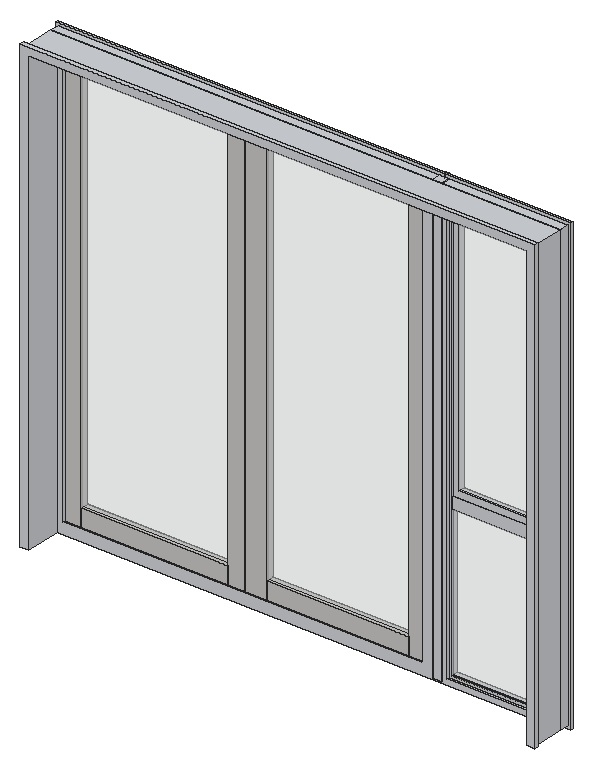
Revit family "APL Residential Thermal Heart French Door with Sidelight", category Doors, host Wall, Revit 2017 (continued)
Definition of nested family "APL Residential Thermal Heart Sidelight Vertical Section"
  Definition of nested family "Sash Mullion-Transom"
    Definition of nested family "65100_Mullion&Transom"
      Lines and regions (mm)
        detail lines, in view "Ref. Level"
          curve 3: line (0.009, -20.303, 0) -> (1.003, -24.171, 0)
          curve 4: line (1.003, -24.171, 0) -> (0, -24.75, 0)
          curve 5: line (0, -24.75, 0) -> (0, -25.75, 0)
          curve 6: line (0, -25.75, 0) -> (1.025, -26.342, 0)
          curve 7: line (1.025, -26.342, 0) -> (0.036, -30.191, 0)
          curve 8: line (0.508, -30.351, 0) -> (2.232, -26.25, 0)
          curve 9: line (2.232, -26.25, 0) -> (3.5, -26.25, 0)
          curve 10: line (3.5, -26.25, 0) -> (3.5, -27.5, 0)
          curve 11: line (3.5, -27.5, 0) -> (4.5, -27.5, 0)
          curve 12: line (4.5, -27.5, 0) -> (4.5, -23, 0)
          curve 13: line (4.5, -23, 0) -> (3.5, -23, 0)
          curve 14: line (3.5, -23, 0) -> (3.5, -24.25, 0)
          curve 15: line (3.5, -24.25, 0) -> (2.208, -24.25, 0)
          curve 16: line (2.208, -24.25, 0) -> (0.482, -20.144, 0)
          curve 329: arc (0.482, 30.356, 0) -> (0.172, 30.496, 0) -> (0.009, 30.197, 0) r 0.25
          curve 330: arc (0.036, 20.309, 0) -> (0.198, 20.009, 0) -> (0.508, 20.149, 0) r 0.25
          curve 331: line (0.009, 30.197, 0) -> (1.003, 26.329, 0)
          curve 332: line (1.003, 26.329, 0) -> (0, 25.75, 0)
          curve 333: line (0, 25.75, 0) -> (0, 24.75, 0)
          curve 334: line (0, 24.75, 0) -> (1.025, 24.158, 0)
          curve 335: line (1.025, 24.158, 0) -> (0.036, 20.309, 0)
          curve 336: line (0.508, 20.149, 0) -> (2.232, 24.25, 0)
          curve 337: line (2.232, 24.25, 0) -> (3.5, 24.25, 0)
          curve 338: line (3.5, 24.25, 0) -> (3.5, 23, 0)
          curve 339: line (3.5, 23, 0) -> (4.5, 23, 0)
          curve 340: line (4.5, 23, 0) -> (4.5, 27.5, 0)
          curve 341: line (4.5, 27.5, 0) -> (3.5, 27.5, 0)
          curve 342: line (3.5, 27.5, 0) -> (3.5, 26.25, 0)
          curve 343: line (3.5, 26.25, 0) -> (2.208, 26.25, 0)
          curve 344: line (2.208, 26.25, 0) -> (0.482, 30.356, 0)
        detail lines, in view "Ref. Level", not visible
          curve 17: arc (33.161, -9.933, 0) -> (32.851, -9.793, 0) -> (32.689, -10.092, 0) r 0.25
          curve 18: arc (32.715, -19.98, 0) -> (32.877, -20.279, 0) -> (33.188, -20.139, 0) r 0.25
          curve 19: line (32.689, -10.092, 0) -> (33.683, -13.959, 0)
          curve 20: line (33.683, -13.959, 0) -> (32.679, -14.539, 0)
          curve 21: line (32.679, -14.539, 0) -> (32.679, -15.539, 0)
          curve 22: line (32.679, -15.539, 0) -> (33.705, -16.131, 0)
          curve 23: line (33.705, -16.131, 0) -> (32.715, -19.98, 0)
          curve 24: line (33.188, -20.139, 0) -> (34.912, -16.039, 0)
          curve 25: line (34.912, -16.039, 0) -> (36.179, -16.039, 0)
          curve 26: line (36.179, -16.039, 0) -> (36.179, -17.289, 0)
          curve 27: line (36.179, -17.289, 0) -> (37.179, -17.289, 0)
          curve 28: line (37.179, -17.289, 0) -> (37.179, -12.789, 0)
          curve 29: line (37.179, -12.789, 0) -> (36.179, -12.789, 0)
          curve 30: line (36.179, -12.789, 0) -> (36.179, -14.039, 0)
          curve 31: line (36.179, -14.039, 0) -> (34.887, -14.039, 0)
          curve 32: line (34.887, -14.039, 0) -> (33.161, -9.933, 0)
        model lines, in view "Ref. Level"
          curve 33: arc (-15.3, 2.874, 0) -> (-15.218, 2.477, 0) -> (-14.985, 2.146, 0) r 1
          curve 34: arc (-14.733, 1.893, 0) -> (-14.408, 1.676, 0) -> (-14.026, 1.6, 0) r 1
          curve 35: arc (-14.026, -1.6, 0) -> (-14.408, -1.676, 0) -> (-14.733, -1.893, 0) r 1
          curve 36: arc (-14.985, -2.146, 0) -> (-15.218, -2.477, 0) -> (-15.3, -2.874, 0) r 1
          curve 37: arc (-15.3, -4.45, 0) -> (-15.172, -4.668, 0) -> (-14.92, -4.663, 0) r 0.25
          curve 38: arc (-14.834, -4.611, 0) -> (-14.728, -4.479, 0) -> (-14.731, -4.309, 0) r 0.25
          curve 39: arc (-13.477, -3.544, 0) -> (-13.402, -3.511, 0) -> (-13.321, -3.5, 0) r 0.3
          curve 40: arc (-12.8, -3.5, 0) -> (-12.642, -3.578, 0) -> (-12.606, -3.75, 0) r 0.2
          curve 41: arc (-12.8, -7.753, 0) -> (-12.774, -7.875, 0) -> (-12.7, -7.976, 0) r 0.3
          curve 42: arc (-12.7, -7.976, 0) -> (-12.62, -8.307, 0) -> (-12.9, -8.5, 0) r 0.3
          curve 43: arc (-15.121, -7.957, 0) -> (-15.21, -7.905, 0) -> (-15.262, -7.816, 0) r 0.2
          curve 44: arc (-15.307, -7.648, 0) -> (-15.448, -7.507, 0) -> (-15.641, -7.559, 0) r 0.2
          curve 45: arc (-16.005, -7.922, 0) -> (-16.065, -8.008, 0) -> (-16.092, -8.108, 0) r 0.3
          curve 46: arc (-16.299, -10.474, 0) -> (-16.183, -10.738, 0) -> (-15.897, -10.782, 0) r 0.3
          curve 47: arc (-14.487, -10.268, 0) -> (-14.361, -10.181, 0) -> (-14.295, -10.043, 0) r 0.3
          curve 48: arc (-14.295, -10.043, 0) -> (-14.022, -9.801, 0) -> (-13.717, -10, 0) r 0.3
          curve 49: arc (4.1, -10, 0) -> (4.241, -10.059, 0) -> (4.3, -10.2, 0) r 0.2
          curve 50: arc (3.201, -21.5, 0) -> (2.493, -21.793, 0) -> (2.2, -22.5, 0) r 1
          curve 51: arc (2.2, -23.25, 0) -> (2.7, -23.751, 0) -> (3.2, -23.25, 0) r 0.5
          curve 52: arc (3.2, -27.251, 0) -> (2.7, -26.751, 0) -> (2.2, -27.251, 0) r 0.5
          curve 53: arc (2.2, -28.801, 0) -> (2.259, -28.942, 0) -> (2.4, -29, 0) r 0.2
          curve 54: arc (5.5, -29, 0) -> (5.641, -28.941, 0) -> (5.7, -28.8, 0) r 0.2
          curve 55: arc (5.7, 28.8, 0) -> (5.641, 28.942, 0) -> (5.5, 29, 0) r 0.2
          curve 56: arc (2.4, 29, 0) -> (2.259, 28.941, 0) -> (2.2, 28.8, 0) r 0.2
          curve 57: arc (2.2, 27.25, 0) -> (2.7, 26.749, 0) -> (3.2, 27.25, 0) r 0.5
          curve 58: arc (3.2, 23.25, 0) -> (2.7, 23.749, 0) -> (2.2, 23.25, 0) r 0.5
          curve 59: arc (2.2, 22.501, 0) -> (2.492, 21.793, 0) -> (3.2, 21.5, 0) r 1
          curve 60: arc (4.3, 10.2, 0) -> (4.241, 10.059, 0) -> (4.1, 10, 0) r 0.2
          curve 61: arc (-13.717, 10, 0) -> (-14.022, 9.801, 0) -> (-14.295, 10.043, 0) r 0.3
          curve 62: arc (-14.295, 10.043, 0) -> (-14.361, 10.181, 0) -> (-14.487, 10.268, 0) r 0.3
          curve 63: arc (-15.897, 10.782, 0) -> (-16.183, 10.738, 0) -> (-16.299, 10.474, 0) r 0.3
          curve 64: arc (-16.092, 8.108, 0) -> (-16.065, 8.008, 0) -> (-16.005, 7.922, 0) r 0.3
          curve 65: arc (-15.641, 7.559, 0) -> (-15.448, 7.507, 0) -> (-15.307, 7.648, 0) r 0.2
          curve 66: arc (-15.262, 7.816, 0) -> (-15.21, 7.905, 0) -> (-15.121, 7.957, 0) r 0.2
          curve 67: arc (-12.9, 8.5, 0) -> (-12.62, 8.307, 0) -> (-12.7, 7.976, 0) r 0.3
          curve 68: arc (-12.7, 7.976, 0) -> (-12.774, 7.875, 0) -> (-12.8, 7.753, 0) r 0.3
          curve 69: arc (-12.606, 3.75, 0) -> (-12.642, 3.578, 0) -> (-12.8, 3.5, 0) r 0.2
          curve 70: arc (-13.321, 3.5, 0) -> (-13.402, 3.511, 0) -> (-13.477, 3.544, 0) r 0.3
          curve 71: arc (-14.731, 4.309, 0) -> (-14.728, 4.479, 0) -> (-14.834, 4.611, 0) r 0.25
          curve 72: arc (-14.92, 4.663, 0) -> (-15.172, 4.668, 0) -> (-15.3, 4.45, 0) r 0.25
          curve 73: arc (-4.016, 4.146, 0) -> (-5.077, 4.139, 0) -> (-5.084, 5.2, 0) r 0.75
          curve 74: arc (-5.084, 5.2, 0) -> (-4.55, 6.5, 0) -> (-5.084, 7.8, 0) r 1.85
          curve 75: arc (-5.084, 7.8, 0) -> (-5.194, 7.942, 0) -> (-5.267, 8.107, 0) r 0.75
          curve 76: arc (-5.267, 8.107, 0) -> (-5.37, 8.291, 0) -> (-5.54, 8.416, 0) r 0.5
          curve 77: arc (-5.54, 8.416, 0) -> (-6.4, 8.6, 0) -> (-7.26, 8.416, 0) r 2.1
          curve 78: arc (-7.26, 8.416, 0) -> (-7.43, 8.291, 0) -> (-7.533, 8.107, 0) r 0.5
          curve 79: arc (-7.533, 8.107, 0) -> (-7.606, 7.942, 0) -> (-7.716, 7.8, 0) r 0.75
          curve 80: arc (-7.716, 7.8, 0) -> (-8.25, 6.5, 0) -> (-7.716, 5.2, 0) r 1.85
          curve 81: arc (-7.716, 5.2, 0) -> (-7.723, 4.139, 0) -> (-8.784, 4.146, 0) r 0.75
          curve 82: arc (-8.784, 4.146, 0) -> (-9.231, 4.709, 0) -> (-9.548, 5.354, 0) r 3.35
          curve 83: arc (-10.124, 6.937, 0) -> (-10.569, 7.194, 0) -> (-10.9, 6.8, 0) r 0.4
          curve 84: arc (-10.9, -6.8, 0) -> (-10.569, -7.194, 0) -> (-10.124, -6.937, 0) r 0.4
          curve 85: arc (-9.548, -5.354, 0) -> (-9.231, -4.709, 0) -> (-8.784, -4.146, 0) r 3.35
          curve 86: arc (-8.784, -4.146, 0) -> (-7.723, -4.139, 0) -> (-7.716, -5.2, 0) r 0.75
          curve 87: arc (-7.716, -5.2, 0) -> (-8.25, -6.5, 0) -> (-7.716, -7.8, 0) r 1.85
          curve 88: arc (-7.716, -7.8, 0) -> (-7.606, -7.942, 0) -> (-7.533, -8.107, 0) r 0.75
          curve 89: arc (-7.533, -8.107, 0) -> (-7.43, -8.291, 0) -> (-7.26, -8.416, 0) r 0.5
          curve 90: arc (-7.26, -8.416, 0) -> (-6.4, -8.6, 0) -> (-5.54, -8.416, 0) r 2.1
          curve 91: arc (-5.54, -8.416, 0) -> (-5.37, -8.291, 0) -> (-5.267, -8.107, 0) r 0.5
          curve 92: arc (-5.267, -8.107, 0) -> (-5.194, -7.942, 0) -> (-5.084, -7.8, 0) r 0.75
          curve 93: arc (-5.084, -7.8, 0) -> (-4.55, -6.5, 0) -> (-5.084, -5.2, 0) r 1.85
          curve 94: arc (-5.084, -5.2, 0) -> (-5.077, -4.139, 0) -> (-4.016, -4.146, 0) r 0.75
          curve 95: arc (-4.016, -4.146, 0) -> (-3.101, -5.916, 0) -> (-3.353, -7.892, 0) r 3.35
          curve 96: arc (-3.353, -7.892, 0) -> (-3.319, -8.37, 0) -> (-2.898, -8.6, 0) r 0.5
          curve 97: arc (3.8, -8.6, 0) -> (4.154, -8.454, 0) -> (4.3, -8.1, 0) r 0.5
          curve 98: arc (4.3, 8.1, 0) -> (4.154, 8.454, 0) -> (3.8, 8.6, 0) r 0.5
          curve 99: line (-15.3, 4.45, 0) -> (-15.3, 2.874, 0)
          curve 100: line (-14.97, 2.13, 0) -> (-14.733, 1.893, 0)
          curve 101: line (-14.026, 1.6, 0) -> (-12.8, 1.6, 0)
          curve 102: line (-12.8, 1.6, 0) -> (-12.8, -1.6, 0)
          curve 103: line (-12.8, -1.6, 0) -> (-14.026, -1.6, 0)
          curve 104: line (-14.733, -1.893, 0) -> (-14.97, -2.13, 0)
          curve 105: line (-15.3, -2.874, 0) -> (-15.3, -4.45, 0)
          curve 106: line (-14.731, -4.309, 0) -> (-13.477, -3.544, 0)
          curve 107: line (-13.477, -3.544, 0) -> (-12.8, -3.5, 0)
          curve 108: line (-12.606, -3.75, 0) -> (-12.794, -4.475, 0)
          curve 109: line (-12.794, -4.475, 0) -> (-12.8, -7.753, 0)
          curve 110: line (-13.054, -8.5, 0) -> (-15.121, -7.957, 0)
          curve 111: line (-15.121, -7.957, 0) -> (-15.307, -7.648, 0)
          curve 112: line (-15.641, -7.559, 0) -> (-16.005, -7.922, 0)
          curve 113: line (-16.092, -8.108, 0) -> (-16.299, -10.474, 0)
          curve 114: line (-15.897, -10.782, 0) -> (-14.487, -10.268, 0)
          curve 115: line (-13.717, -10, 0) -> (-6.8, -10, 0)
          curve 116: line (-6.8, -10, 0) -> (-6.4, -9.6, 0)
          curve 117: line (-6.4, -9.6, 0) -> (-6, -10, 0)
          curve 118: line (-6, -10, 0) -> (4.1, -10, 0)
          curve 119: line (4.3, -10.2, 0) -> (4.3, -21.5, 0)
          curve 120: line (4.3, -21.5, 0) -> (3.201, -21.5, 0)
          curve 121: line (2.2, -22.5, 0) -> (2.2, -23.25, 0)
          curve 122: line (3.2, -23.25, 0) -> (3.2, -22.5, 0)
          curve 123: line (3.2, -22.5, 0) -> (4.7, -22.5, 0)
          curve 124: line (4.7, -22.5, 0) -> (4.7, -28, 0)
          curve 125: line (4.7, -28, 0) -> (3.2, -28, 0)
          curve 126: line (3.2, -28, 0) -> (3.2, -27.251, 0)
          curve 127: line (2.2, -27.251, 0) -> (2.2, -28.801, 0)
          curve 128: line (2.4, -29, 0) -> (5.5, -29, 0)
          curve 129: line (5.7, -28.8, 0) -> (5.7, 28.8, 0)
          curve 130: line (5.5, 29, 0) -> (2.4, 29, 0)
          curve 131: line (2.2, 28.8, 0) -> (2.2, 27.25, 0)
          curve 132: line (3.2, 27.25, 0) -> (3.2, 28, 0)
          curve 133: line (3.2, 28, 0) -> (4.7, 28, 0)
          curve 134: line (4.7, 28, 0) -> (4.7, 22.5, 0)
          curve 135: line (4.7, 22.5, 0) -> (3.2, 22.5, 0)
          curve 136: line (3.2, 22.5, 0) -> (3.2, 23.25, 0)
          curve 137: line (2.2, 23.25, 0) -> (2.2, 22.501, 0)
          curve 138: line (3.2, 21.5, 0) -> (4.3, 21.5, 0)
          curve 139: line (4.3, 21.5, 0) -> (4.3, 10.2, 0)
          curve 140: line (4.1, 10, 0) -> (-6, 10, 0)
          curve 141: line (-6, 10, 0) -> (-6.4, 9.6, 0)
          curve 142: line (-6.4, 9.6, 0) -> (-6.8, 10, 0)
          curve 143: line (-6.8, 10, 0) -> (-13.717, 10, 0)
          curve 144: line (-14.487, 10.268, 0) -> (-15.897, 10.782, 0)
          curve 145: line (-16.299, 10.474, 0) -> (-16.092, 8.108, 0)
          curve 146: line (-16.005, 7.922, 0) -> (-15.641, 7.559, 0)
          curve 147: line (-15.307, 7.648, 0) -> (-15.262, 7.816, 0)
          curve 148: line (-15.262, 7.816, 0) -> (-13.132, 8.49, 0)
          curve 149: line (-13.132, 8.49, 0) -> (-12.9, 8.5, 0)
          curve 150: line (-12.8, 7.753, 0) -> (-12.8, 4.525, 0)
          curve 151: line (-12.8, 4.525, 0) -> (-12.606, 3.75, 0)
          curve 152: line (-12.8, 3.5, 0) -> (-13.321, 3.5, 0)
          curve 153: line (-13.321, 3.5, 0) -> (-14.731, 4.309, 0)
          curve 154: line (-9.548, 5.354, 0) -> (-10.124, 6.937, 0)
          curve 155: line (-10.9, 6.8, 0) -> (-10.9, -6.8, 0)
          curve 156: line (-10.124, -6.937, 0) -> (-9.548, -5.354, 0)
          curve 157: line (-2.898, -8.6, 0) -> (3.8, -8.6, 0)
          curve 158: line (4.3, -8.1, 0) -> (4.3, 8.1, 0)
          curve 159: line (3.8, 8.6, 0) -> (-2.898, 8.6, 0)
          curve 160: arc (-2.898, 8.6, 0) -> (-3.319, 8.37, 0) -> (-3.353, 7.892, 0) r 0.5
          curve 161: arc (-3.353, 7.892, 0) -> (-3.101, 5.916, 0) -> (-4.016, 4.146, 0) r 3.35
          curve 162: arc (-40.3, -9.8, 0) -> (-40.241, -9.941, 0) -> (-40.1, -10, 0) r 0.2
          curve 163: arc (-38.635, -9.621, 0) -> (-38.571, -9.522, 0) -> (-38.575, -9.403, 0) r 0.2
          curve 164: arc (-38.575, -9.403, 0) -> (-38.679, -9.234, 0) -> (-38.847, -9.127, 0) r 0.45
          curve 165: arc (-38.847, -9.127, 0) -> (-38.943, -9.052, 0) -> (-38.978, -8.935, 0) r 0.2
          curve 166: arc (-38.837, -1.98, 0) -> (-38.537, -1.286, 0) -> (-37.837, -1, 0) r 1
          curve 167: arc (-30.5, -1, 0) -> (-29.793, -1.293, 0) -> (-29.5, -2, 0) r 1
          curve 168: arc (-29.5, -8.173, 0) -> (-29.527, -8.272, 0) -> (-29.6, -8.345, 0) r 0.2
          curve 169: arc (-30.7, -8.98, 0) -> (-30.92, -9.2, 0) -> (-31, -9.5, 0) r 0.6
          curve 170: arc (-31, -9.8, 0) -> (-30.941, -9.942, 0) -> (-30.8, -10, 0) r 0.2
          curve 171: arc (-26.683, -10, 0) -> (-26.378, -9.801, 0) -> (-26.105, -10.043, 0) r 0.3
          curve 172: arc (-26.105, -10.043, 0) -> (-26.039, -10.181, 0) -> (-25.913, -10.268, 0) r 0.3
          curve 173: arc (-24.503, -10.782, 0) -> (-24.217, -10.738, 0) -> (-24.101, -10.474, 0) r 0.3
          curve 174: arc (-24.308, -8.108, 0) -> (-24.335, -8.008, 0) -> (-24.395, -7.922, 0) r 0.3
          curve 175: arc (-24.759, -7.559, 0) -> (-24.952, -7.507, 0) -> (-25.093, -7.648, 0) r 0.2
          curve 176: arc (-25.138, -7.816, 0) -> (-25.19, -7.905, 0) -> (-25.279, -7.957, 0) r 0.2
          curve 177: arc (-27.5, -8.5, 0) -> (-27.78, -8.307, 0) -> (-27.7, -7.976, 0) r 0.3
          curve 178: arc (-27.7, -7.976, 0) -> (-27.626, -7.875, 0) -> (-27.6, -7.753, 0) r 0.3
          curve 179: arc (-27.794, -3.75, 0) -> (-27.758, -3.578, 0) -> (-27.6, -3.5, 0) r 0.2
          curve 180: arc (-27.079, -3.5, 0) -> (-26.998, -3.511, 0) -> (-26.923, -3.544, 0) r 0.3
          curve 181: arc (-25.669, -4.309, 0) -> (-25.672, -4.479, 0) -> (-25.566, -4.611, 0) r 0.25
          curve 182: arc (-25.48, -4.663, 0) -> (-25.228, -4.668, 0) -> (-25.1, -4.45, 0) r 0.25
          curve 183: arc (-25.1, -2.874, 0) -> (-25.182, -2.477, 0) -> (-25.415, -2.146, 0) r 1
          curve 184: arc (-25.667, -1.893, 0) -> (-25.992, -1.676, 0) -> (-26.374, -1.6, 0) r 1
          curve 185: arc (-26.377, 1.6, 0) -> (-25.993, 1.676, 0) -> (-25.667, 1.893, 0) r 1
          curve 186: arc (-25.415, 2.146, 0) -> (-25.182, 2.477, 0) -> (-25.1, 2.874, 0) r 1
          curve 187: arc (-25.1, 4.45, 0) -> (-25.227, 4.668, 0) -> (-25.48, 4.663, 0) r 0.25
          curve 188: arc (-25.566, 4.611, 0) -> (-25.672, 4.479, 0) -> (-25.669, 4.309, 0) r 0.25
          curve 189: arc (-26.923, 3.544, 0) -> (-26.998, 3.511, 0) -> (-27.079, 3.5, 0) r 0.3
          curve 190: arc (-27.6, 3.5, 0) -> (-27.758, 3.578, 0) -> (-27.794, 3.75, 0) r 0.2
          curve 191: arc (-27.6, 7.753, 0) -> (-27.626, 7.875, 0) -> (-27.7, 7.976, 0) r 0.3
          curve 192: arc (-27.7, 7.976, 0) -> (-27.78, 8.307, 0) -> (-27.5, 8.5, 0) r 0.3
          curve 193: arc (-25.279, 7.957, 0) -> (-25.19, 7.905, 0) -> (-25.138, 7.816, 0) r 0.2
          curve 194: arc (-25.093, 7.648, 0) -> (-24.952, 7.507, 0) -> (-24.759, 7.559, 0) r 0.2
          curve 195: arc (-24.395, 7.922, 0) -> (-24.335, 8.008, 0) -> (-24.308, 8.108, 0) r 0.3
          curve 196: arc (-24.101, 10.474, 0) -> (-24.217, 10.738, 0) -> (-24.503, 10.782, 0) r 0.3
          curve 197: arc (-25.913, 10.268, 0) -> (-26.039, 10.181, 0) -> (-26.105, 10.043, 0) r 0.3
          curve 198: arc (-26.105, 10.043, 0) -> (-26.378, 9.801, 0) -> (-26.683, 10, 0) r 0.3
          curve 199: arc (-30.8, 10, 0) -> (-30.941, 9.942, 0) -> (-31, 9.8, 0) r 0.2
          curve 200: arc (-31, 9.5, 0) -> (-30.92, 9.2, 0) -> (-30.7, 8.98, 0) r 0.6
          curve 201: arc (-29.6, 8.345, 0) -> (-29.527, 8.272, 0) -> (-29.5, 8.172, 0) r 0.2
          curve 202: arc (-29.5, 2, 0) -> (-29.793, 1.293, 0) -> (-30.5, 1, 0) r 1
          curve 203: arc (-37.837, 1, 0) -> (-38.537, 1.286, 0) -> (-38.837, 1.98, 0) r 1
          curve 204: arc (-38.978, 8.935, 0) -> (-38.943, 9.052, 0) -> (-38.847, 9.127, 0) r 0.2
          curve 205: arc (-38.847, 9.127, 0) -> (-38.679, 9.234, 0) -> (-38.575, 9.403, 0) r 0.45
          curve 206: arc (-38.575, 9.403, 0) -> (-38.571, 9.522, 0) -> (-38.635, 9.621, 0) r 0.2
          curve 207: arc (-40.1, 10, 0) -> (-40.241, 9.941, 0) -> (-40.3, 9.8, 0) r 0.2
          curve 208: line (-40.3, 9.8, 0) -> (-40.3, 0, 0)
          curve 209: line (-40.3, 0, 0) -> (-40.3, -9.8, 0)
          curve 210: line (-40.1, -10, 0) -> (-39.159, -10, 0)
          curve 211: line (-39.159, -10, 0) -> (-38.635, -9.621, 0)
          curve 212: line (-38.978, -8.935, 0) -> (-38.837, -1.98, 0)
          curve 213: line (-37.837, -1, 0) -> (-30.5, -1, 0)
          curve 214: line (-29.5, -2, 0) -> (-29.5, -8.173, 0)
          curve 215: line (-29.6, -8.345, 0) -> (-30.7, -8.98, 0)
          curve 216: line (-31, -9.5, 0) -> (-31, -9.8, 0)
          curve 217: line (-30.8, -10, 0) -> (-26.683, -10, 0)
          curve 218: line (-25.913, -10.268, 0) -> (-24.503, -10.782, 0)
          curve 219: line (-24.101, -10.474, 0) -> (-24.308, -8.108, 0)
          curve 220: line (-24.395, -7.922, 0) -> (-24.759, -7.559, 0)
          curve 221: line (-25.093, -7.648, 0) -> (-25.138, -7.816, 0)
          curve 222: line (-25.138, -7.816, 0) -> (-27.268, -8.49, 0)
          curve 223: line (-27.268, -8.49, 0) -> (-27.5, -8.5, 0)
          curve 224: line (-27.6, -7.753, 0) -> (-27.6, -4.525, 0)
          curve 225: line (-27.6, -4.525, 0) -> (-27.794, -3.75, 0)
          curve 226: line (-27.6, -3.5, 0) -> (-27.079, -3.5, 0)
          curve 227: line (-27.079, -3.5, 0) -> (-25.669, -4.309, 0)
          curve 228: line (-25.1, -4.45, 0) -> (-25.1, -2.874, 0)
          curve 229: line (-25.43, -2.13, 0) -> (-25.667, -1.893, 0)
          curve 230: line (-26.374, -1.6, 0) -> (-27.6, -1.6, 0)
          curve 231: line (-27.6, -1.6, 0) -> (-27.6, 0, 0)
          curve 232: line (-27.6, 0, 0) -> (-27.6, 1.6, 0)
          curve 233: line (-27.6, 1.6, 0) -> (-26.377, 1.6, 0)
          curve 234: line (-25.667, 1.893, 0) -> (-25.43, 2.13, 0)
          curve 235: line (-25.1, 2.874, 0) -> (-25.1, 4.45, 0)
          curve 236: line (-25.669, 4.309, 0) -> (-26.923, 3.544, 0)
          curve 237: line (-26.923, 3.544, 0) -> (-27.6, 3.5, 0)
          curve 238: line (-27.794, 3.75, 0) -> (-27.606, 4.475, 0)
          curve 239: line (-27.606, 4.475, 0) -> (-27.6, 7.753, 0)
          curve 240: line (-27.346, 8.5, 0) -> (-25.279, 7.957, 0)
          curve 241: line (-25.279, 7.957, 0) -> (-25.093, 7.648, 0)
          curve 242: line (-24.759, 7.559, 0) -> (-24.395, 7.922, 0)
          curve 243: line (-24.308, 8.108, 0) -> (-24.101, 10.474, 0)
          curve 244: line (-24.503, 10.782, 0) -> (-25.913, 10.268, 0)
          curve 245: line (-26.683, 10, 0) -> (-30.8, 10, 0)
          curve 246: line (-31, 9.8, 0) -> (-31, 9.5, 0)
          curve 247: line (-30.7, 8.98, 0) -> (-29.6, 8.345, 0)
          curve 248: line (-29.5, 8.172, 0) -> (-29.5, 2, 0)
          curve 249: line (-30.5, 1, 0) -> (-37.837, 1, 0)
          curve 250: line (-38.837, 1.98, 0) -> (-38.978, 8.935, 0)
          curve 251: line (-38.635, 9.621, 0) -> (-39.031, 9.953, 0)
          curve 252: line (-39.031, 9.953, 0) -> (-40.1, 10, 0)
          curve 253: arc (-27.6, 4.4, 0) -> (-27.483, 4.117, 0) -> (-27.2, 4, 0) r 0.4
          curve 254: arc (-26.907, 4, 0) -> (-26.804, 4.014, 0) -> (-26.707, 4.054, 0) r 0.4
          curve 255: arc (-25.179, 4.939, 0) -> (-24.889, 5.059, 0) -> (-24.578, 5.1, 0) r 1.2
          curve 256: arc (-23.655, 5.1, 0) -> (-23.082, 5.281, 0) -> (-22.716, 5.758, 0) r 1
          curve 257: arc (-21.923, 7.937, 0) -> (-21.776, 8.128, 0) -> (-21.547, 8.2, 0) r 0.4
          curve 258: arc (-18.853, 8.2, 0) -> (-18.624, 8.128, 0) -> (-18.477, 7.937, 0) r 0.4
          curve 259: arc (-17.684, 5.758, 0) -> (-17.318, 5.281, 0) -> (-16.745, 5.1, 0) r 1
          curve 260: arc (-15.822, 5.1, 0) -> (-15.511, 5.059, 0) -> (-15.221, 4.939, 0) r 1.2
          curve 261: arc (-13.693, 4.054, 0) -> (-13.596, 4.014, 0) -> (-13.493, 4, 0) r 0.4
          curve 262: arc (-13.2, 4, 0) -> (-12.917, 4.117, 0) -> (-12.8, 4.4, 0) r 0.4
          curve 263: arc (-12.8, 7.8, 0) -> (-12.917, 8.083, 0) -> (-13.2, 8.2, 0) r 0.4
          curve 264: arc (-13.493, 8.2, 0) -> (-13.596, 8.186, 0) -> (-13.693, 8.146, 0) r 0.4
          curve 265: arc (-15.221, 7.261, 0) -> (-15.515, 7.14, 0) -> (-15.83, 7.1, 0) r 1.2
          curve 266: arc (-15.83, 7.1, 0) -> (-16.005, 7.153, 0) -> (-16.116, 7.297, 0) r 0.3
          curve 267: arc (-17.004, 9.737, 0) -> (-17.151, 9.928, 0) -> (-17.38, 10, 0) r 0.4
          curve 268: arc (-23.02, 10, 0) -> (-23.249, 9.928, 0) -> (-23.396, 9.737, 0) r 0.4
          curve 269: arc (-24.284, 7.297, 0) -> (-24.395, 7.153, 0) -> (-24.57, 7.1, 0) r 0.3
          curve 270: arc (-24.57, 7.1, 0) -> (-24.885, 7.14, 0) -> (-25.179, 7.261, 0) r 1.2
          curve 271: arc (-26.707, 8.146, 0) -> (-26.804, 8.186, 0) -> (-26.907, 8.2, 0) r 0.4
          curve 272: arc (-27.2, 8.2, 0) -> (-27.483, 8.083, 0) -> (-27.6, 7.8, 0) r 0.4
          curve 273: line (-27.2, 4, 0) -> (-26.907, 4, 0)
          curve 274: line (-26.707, 4.054, 0) -> (-25.179, 4.939, 0)
          curve 275: line (-24.578, 5.1, 0) -> (-23.655, 5.1, 0)
          curve 276: line (-22.716, 5.758, 0) -> (-21.923, 7.937, 0)
          curve 277: line (-21.547, 8.2, 0) -> (-18.853, 8.2, 0)
          curve 278: line (-18.477, 7.937, 0) -> (-17.684, 5.758, 0)
          curve 279: line (-16.745, 5.1, 0) -> (-15.822, 5.1, 0)
          curve 280: line (-15.221, 4.939, 0) -> (-13.693, 4.054, 0)
          curve 281: line (-13.493, 4, 0) -> (-13.2, 4, 0)
          curve 282: line (-12.8, 4.4, 0) -> (-12.8, 7.8, 0)
          curve 283: line (-13.2, 8.2, 0) -> (-13.493, 8.2, 0)
          curve 284: line (-13.693, 8.146, 0) -> (-15.221, 7.261, 0)
          curve 285: line (-16.116, 7.297, 0) -> (-17.004, 9.737, 0)
          curve 286: line (-17.38, 10, 0) -> (-23.02, 10, 0)
          curve 287: line (-23.396, 9.737, 0) -> (-24.284, 7.297, 0)
          curve 288: line (-25.179, 7.261, 0) -> (-26.707, 8.146, 0)
          curve 289: line (-26.907, 8.2, 0) -> (-27.2, 8.2, 0)
          curve 290: line (-27.6, 7.8, 0) -> (-27.6, 4.4, 0)
          curve 291: arc (-27.6, -4.4, 0) -> (-27.483, -4.117, 0) -> (-27.2, -4, 0) r 0.4
          curve 292: arc (-26.907, -4, 0) -> (-26.804, -4.014, 0) -> (-26.707, -4.054, 0) r 0.4
          curve 293: arc (-25.179, -4.939, 0) -> (-24.889, -5.059, 0) -> (-24.578, -5.1, 0) r 1.2
          curve 294: arc (-23.655, -5.1, 0) -> (-23.082, -5.281, 0) -> (-22.716, -5.758, 0) r 1
          curve 295: arc (-21.923, -7.937, 0) -> (-21.776, -8.128, 0) -> (-21.547, -8.2, 0) r 0.4
          curve 296: arc (-18.853, -8.2, 0) -> (-18.624, -8.128, 0) -> (-18.477, -7.937, 0) r 0.4
          curve 297: arc (-17.684, -5.758, 0) -> (-17.318, -5.281, 0) -> (-16.745, -5.1, 0) r 1
          curve 298: arc (-15.822, -5.1, 0) -> (-15.511, -5.059, 0) -> (-15.221, -4.939, 0) r 1.2
          curve 299: arc (-13.693, -4.054, 0) -> (-13.596, -4.014, 0) -> (-13.493, -4, 0) r 0.4
          curve 300: arc (-13.2, -4, 0) -> (-12.917, -4.117, 0) -> (-12.8, -4.4, 0) r 0.4
          curve 301: arc (-12.8, -7.8, 0) -> (-12.917, -8.083, 0) -> (-13.2, -8.2, 0) r 0.4
          curve 302: arc (-13.493, -8.2, 0) -> (-13.596, -8.186, 0) -> (-13.693, -8.146, 0) r 0.4
          curve 303: arc (-15.221, -7.261, 0) -> (-15.515, -7.14, 0) -> (-15.83, -7.1, 0) r 1.2
          curve 304: arc (-15.83, -7.1, 0) -> (-16.005, -7.153, 0) -> (-16.116, -7.297, 0) r 0.3
          curve 305: arc (-17.004, -9.737, 0) -> (-17.151, -9.928, 0) -> (-17.38, -10, 0) r 0.4
          curve 306: arc (-23.02, -10, 0) -> (-23.249, -9.928, 0) -> (-23.396, -9.737, 0) r 0.4
          curve 307: arc (-24.284, -7.297, 0) -> (-24.395, -7.153, 0) -> (-24.57, -7.1, 0) r 0.3
          curve 308: arc (-24.57, -7.1, 0) -> (-24.885, -7.14, 0) -> (-25.179, -7.261, 0) r 1.2
          curve 309: arc (-26.707, -8.146, 0) -> (-26.804, -8.186, 0) -> (-26.907, -8.2, 0) r 0.4
          curve 310: arc (-27.2, -8.2, 0) -> (-27.483, -8.083, 0) -> (-27.6, -7.8, 0) r 0.4
          curve 311: line (-27.2, -4, 0) -> (-26.907, -4, 0)
          curve 312: line (-26.707, -4.054, 0) -> (-25.179, -4.939, 0)
          curve 313: line (-24.578, -5.1, 0) -> (-23.655, -5.1, 0)
          curve 314: line (-22.716, -5.758, 0) -> (-21.923, -7.937, 0)
          curve 315: line (-21.547, -8.2, 0) -> (-18.853, -8.2, 0)
          curve 316: line (-18.477, -7.937, 0) -> (-17.684, -5.758, 0)
          curve 317: line (-16.745, -5.1, 0) -> (-15.822, -5.1, 0)
          curve 318: line (-15.221, -4.939, 0) -> (-13.693, -4.054, 0)
          curve 319: line (-13.493, -4, 0) -> (-13.2, -4, 0)
          curve 320: line (-12.8, -4.4, 0) -> (-12.8, -7.8, 0)
          curve 321: line (-13.2, -8.2, 0) -> (-13.493, -8.2, 0)
          curve 322: line (-13.693, -8.146, 0) -> (-15.221, -7.261, 0)
          curve 323: line (-16.116, -7.297, 0) -> (-17.004, -9.737, 0)
          curve 324: line (-17.38, -10, 0) -> (-23.02, -10, 0)
          curve 325: line (-23.396, -9.737, 0) -> (-24.284, -7.297, 0)
          curve 326: line (-25.179, -7.261, 0) -> (-26.707, -8.146, 0)
          curve 327: line (-26.907, -8.2, 0) -> (-27.2, -8.2, 0)
          curve 328: line (-27.6, -7.8, 0) -> (-27.6, -4.4, 0)
      Text (mm)
        text "65100" at (-45.773, 28.066, 0), in view "Ref. Level"
Types (2, lengths in mm): name | Sidelight Length | Rough Width | Rough Height | Reveal Liner | Panel 2 | Panel 1 | Panel | Liner | Frame Projection Ext. | Height | Width | Architrave | 90° Opening
  Architrave | 600 | 2515 | 2213 | no | 960.5 | 946.5 | 899 | 100 | 13 | 2200.5 | 2500 | yes | no
  Liner | 426.499 | 1615 | 2313 | yes | 510.5 | 496.5 | 449 | 407 | 14.3 | 2300.5 | 1600 | no | yes
